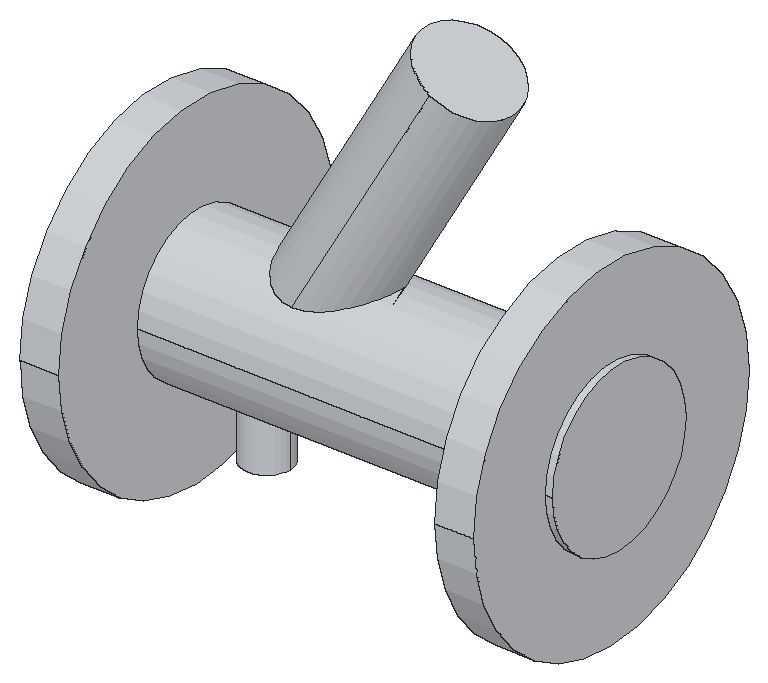
Revit family "HS 821-síto_jemné-PN25-DN015-RFA_2018", category Pipe Accessories, Revit 2018
Family settings
  Round Connector Dimension = Use Diameter
  Part Type = Breaks Into
  Work Plane-Based = No
  Always vertical = Yes
  Cut with Voids When Loaded = No
  Shared = No
Parameters (values of type "821D-DN015-PN25-síto_jemné")
  magiProductId = "27ddcbf555414f8ca1fde329bf9087"
  magiProductFamilyId = "79214ac3aaa945e397802f559f5c1e"
  magiPartTypeId = 307
  isMeasuringValve [instance] = no
  ang2D [instance] = 0.00°
  ZB__ve = -ZB  # -16.25 mm
  ZB1 = 18.63 mm
  ZB = 16.25 mm
  X2 = 46.982 mm
  X1 = 18.2 mm
  W2D = 15 mm
  VersionID = "2.0/2017.9.26.1/ZETKAMA_821_001"
  Use Minimum Symbol Size [instance] = yes
  URL = "www.hydronic.cz"
  Type Comments = "Filtr přírubový; síto jemné; A-PN16 (-10~300°C); D-PN25 (-10~350°C); F-PN40 (-10~400°C)"
  S = 46 mm
  QmdConnectorList = "301;D;302;D"
  Productdata [instance] = ""
  Manufacturer = "Hydronic Systems Prague s.r.o."
  MC Product Code = "210 215 (821D; DN015; PN25; kvs6,2; oko síta 0,63mm)"
  LM1 = 10.4 mm
  LM = 104 mm
  L4 = 32.5 mm
  L2D_Min = 3048 mm
  L2D = 130 mm
  L2 = 65 mm
  HH2 = 81.375 mm
  FD = 95 mm
  Description = "Filtr přírubový; síto jemné; 821A-PN16; 821D-PN25; 821F-PN40"
  DM1 = 27.6 mm
  DM = 41.4 mm
  D = 15 mm
  CC = 2.21 mm
  CAT0 = yes
  C1 = 10.79 mm
  C = 13 mm
  BD = 13.041 mm
Types (40, lengths in mm): name | magiProductId | ZB__ve | ZB1 | ZB | X2 | X1 | S | MC Product Code | LM1 | LM | L4 | L2 | HH2 | FD | DM1 | DM | D | CC | C1 | C | BD
  821A-DN015-PN16-síto_jemné | "a71bcfe8b393460598b23e8ddf7dc5" | -16.25 | 18.63 | 16.25 | 46.982 | 18.2 | 46 | "210 115 (821A; DN015; PN16; kvs6,2; oko síta 0,63mm)" | 10.4 | 104 | 32.5 | 65 | 81.375 | 95 | 27.6 | 41.4 | 15 | 2.21 | 10.79 | 13 | 13.041
  821A-DN020-PN16-síto_jemné | "41cd6c7a12924f4991217528336076" | -17.75 | 22.68 | 17.75 | 51.673 | 21 | 56 | "210 120 (821A; DN020; PN16; kvs9,6; oko síta 0,63mm)" | 12 | 120 | 37.5 | 75 | 89.5 | 105 | 33.6 | 50.4 | 20 | 2.55 | 12.45 | 15 | 15.876
  821A-DN025-PN16-síto_jemné | "be378b463ed14c3abf4c9b3ae8cf3a" | -19.25 | 26.325 | 19.25 | 58.601 | 22.4 | 65 | "210 125 (821A; DN025; PN16; kvs14,2; oko síta 0,63mm)" | 12.8 | 128 | 40 | 80 | 101.5 | 115 | 43.2 | 58.5 | 25 | 2.72 | 13.28 | 16 | 18.427
  821A-DN032-PN16-síto_jemné | "227a0d18b21540afabe8b6067d35fa" | -23 | 30.78 | 23 | 68.849 | 25.2 | 76 | "210 132 (821A; DN032; PN16; kvs23,1; oko síta 0,63mm)" | 14.4 | 144 | 45 | 90 | 119.25 | 140 | 50.4 | 68.4 | 32 | 3.06 | 14.94 | 18 | 21.546
  821A-DN040-PN16-síto_jemné | "d106917c74724141a10440112d0102" | -24.5 | 34.02 | 24.5 | 75.777 | 28 | 84 | "210 140 (821A; DN040; PN16; kvs36,6; oko síta 0,63mm)" | 16 | 160 | 50 | 100 | 131.25 | 150 | 60 | 75.6 | 40 | 3.4 | 16.6 | 20 | 23.814
  821A-DN050-PN16-síto_jemné | "8255d456a09e4f6486734f5dd9171b" | -26.75 | 40.095 | 26.75 | 79.061 | 32.2 | 99 | "210 150 (821A; DN050 PN16; kvs53,7; oko síta 0,63mm)" | 18.4 | 184 | 57.5 | 115 | 136.938 | 165 | 73.8 | 89.1 | 50 | 3.91 | 19.09 | 23 | 28.066
  821A-DN065-PN16-síto_jemné | "235b1b3e4c0843779a4d5e3716d40a" | -29.75 | 47.79 | 29.75 | 86.927 | 40.6 | 118 | "210 165 (821A; DN065; PN16; kvs95,1; oko síta 0,63mm)" | 23.2 | 232 | 72.5 | 145 | 150.562 | 185 | 94.2 | 106.2 | 65 | 4.93 | 24.07 | 29 | 33.453
  821A-DN080-PN16-síto_jemné | "a067f7c5236348ed8c820d16df7214" | -32 | 53.46 | 32 | 104.753 | 43.4 | 132 | "210 180 (821A; DN080; PN16; kvs137,1; oko síta 0,63mm)" | 24.8 | 248 | 77.5 | 155 | 181.438 | 200 | 107.4 | 118.8 | 80 | 5.27 | 25.73 | 31 | 37.422
  821A-DN100-PN16-síto_jemné | "c49a648c2747461285837d643703cd" | -35 | 63.18 | 35 | 114.857 | 49 | 156 | "210 190 (821A; DN100; PN16; kvs206,4; oko síta 0,63mm)" | 28 | 280 | 87.5 | 175 | 198.937 | 220 | 131.4 | 140.4 | 100 | 5.95 | 29.05 | 35 | 44.226
  821A-DN125-PN16-síto_jemné | "bf68e728a163493cbd2a663b26ebdc" | -39.5 | 74.52 | 39.5 | 131.888 | 56 | 184 | "210 191 (821A; DN125; PN16; kvs268,8; oko síta 0,63mm)" | 32 | 320 | 100 | 200 | 228.438 | 250 | 165 | 165.6 | 125 | 6.8 | 33.2 | 40 | 52.164
  821A-DN150-PN16-síto_jemné | "2de770284b654863ae6bc865769dc5" | -44.75 | 85.455 | 44.75 | 155.885 | 67.2 | 211 | "210 192 (821A; DN150; PN16; kvs401,4; oko síta 0,63mm)" | 38.4 | 384 | 120 | 240 | 270 | 285 | 192 | 189.9 | 150 | 8.16 | 39.84 | 48 | 59.818
  821A-DN200-PN16-síto_jemné | "8e5693371ab64aabb29a7f08c76e15" | -53 | 107.73 | 53 | 188.361 | 84 | 266 | "210 193 (821A; DN200; PN16; kvs706,7; oko síta 0,63mm)" | 48 | 480 | 150 | 300 | 326.25 | 340 | 252 | 239.4 | 200 | 10.2 | 49.8 | 60 | 75.411
  821A-DN250-PN16-síto_jemné | "05e37ed948c34047acdd4c42556504" | -62.75 | 129.195 | 62.75 | 255.911 | 102.2 | 319 | "210 194 (821A; DN250; PN16; kvs1229,4; oko síta 0,63mm)" | 58.4 | 584 | 182.5 | 365 | 443.25 | 405 | 309.6 | 287.1 | 250 | 12.41 | 60.59 | 73 | 90.436
  821A-DN300-PN16-síto_jemné | "9ad0af747269428da925480d83ce80" | -71 | 149.85 | 71 | 325.914 | 119 | 370 | "210 195 (821A; DN300; PN16; kvs1902,4; oko síta 0,63mm)" | 68 | 680 | 212.5 | 425 | 564.5 | 460 | 369.6 | 333 | 300 | 14.45 | 70.55 | 85 | 104.895
  821A-DN350-PN16-síto_jemné | "eebc71459bb3451bb4355e7951370a" | -80 | 173.745 | 80 | 356.875 | 137.2 | 429 | "200 196 (821A; DN350; PN16; kvs2611,0; oko síta 0,63mm)" | 78.4 | 784 | 245 | 490 | 618.125 | 520 | 438 | 386.1 | 350 | 16.66 | 81.34 | 98 | 121.621
  821A-DN400-PN16-síto_jemné | "d2f677cb196647e385b2590e7d8abe" | -89 | 194.4 | 89 | 392.237 | 154 | 480 | "210 197 (821A; DN400; PN16; kvs3438,4; oko síta 0,63mm)" | 88 | 880 | 275 | 550 | 679.375 | 580 | 498 | 432 | 400 | 18.7 | 91.3 | 110 | 136.08
  821D-DN015-PN25-síto_jemné | "27ddcbf555414f8ca1fde329bf9087" | -16.25 | 18.63 | 16.25 | 46.982 | 18.2 | 46 | "210 215 (821D; DN015; PN25; kvs6,2; oko síta 0,63mm)" | 10.4 | 104 | 32.5 | 65 | 81.375 | 95 | 27.6 | 41.4 | 15 | 2.21 | 10.79 | 13 | 13.041
  821D-DN020-PN25-síto_jemné | "270e0f14012f47189cd0235c18faee" | -17.75 | 22.68 | 17.75 | 51.673 | 21 | 56 | "210 220 (821D; DN020; PN25; kvs9,6; oko síta 0,63mm)" | 12 | 120 | 37.5 | 75 | 89.5 | 105 | 33.6 | 50.4 | 20 | 2.55 | 12.45 | 15 | 15.876
  821D-DN025-PN25-síto_jemné | "b9a7fb4aa36643878c637d8e1ab992" | -19.25 | 26.325 | 19.25 | 58.601 | 22.4 | 65 | "210 225 (821D; DN025; PN25; kvs14,2; oko síta 0,63mm)" | 12.8 | 128 | 40 | 80 | 101.5 | 115 | 43.2 | 58.5 | 25 | 2.72 | 13.28 | 16 | 18.427
  821D-DN032-PN25-síto_jemné | "6be9a55c4e68400f94eec7e804204c" | -23 | 30.78 | 23 | 68.849 | 25.2 | 76 | "210 232 (821D; DN032; PN25; kvs23,1; oko síta 0,63mm)" | 14.4 | 144 | 45 | 90 | 119.25 | 140 | 50.4 | 68.4 | 32 | 3.06 | 14.94 | 18 | 21.546
  821D-DN040-PN25-síto_jemné | "c54511bd7f584ec2984291479612cb" | -24.5 | 34.02 | 24.5 | 75.777 | 28 | 84 | "210 240 (821D; DN040; PN25; kvs36,6; oko síta 0,63mm)" | 16 | 160 | 50 | 100 | 131.25 | 150 | 60 | 75.6 | 40 | 3.4 | 16.6 | 20 | 23.814
  821D-DN050-PN25-síto_jemné | "5483b1f596b04cd39b23a14a22c90e" | -26.75 | 40.095 | 26.75 | 79.061 | 32.2 | 99 | "210 250 (821D; DN050; PN25; kvs53,7; oko síta 0,63mm)" | 18.4 | 184 | 57.5 | 115 | 136.938 | 165 | 73.8 | 89.1 | 50 | 3.91 | 19.09 | 23 | 28.066
  821D-DN065-PN25-síto_jemné | "767b0f8318e94750bc7a9930ed5b30" | -29.75 | 47.79 | 29.75 | 86.927 | 40.6 | 118 | "210 265 (821D; DN065; PN25; kvs95,1; oko síta 0,63mm)" | 23.2 | 232 | 72.5 | 145 | 150.562 | 185 | 94.2 | 106.2 | 65 | 4.93 | 24.07 | 29 | 33.453
  821D-DN080-PN25-síto_jemné | "e21040fa3cc2404b858198f6b73709" | -32 | 53.46 | 32 | 104.753 | 43.4 | 132 | "210 280 (821D; DN080; PN25; kvs137,1; oko síta 0,63mm)" | 24.8 | 248 | 77.5 | 155 | 181.438 | 200 | 107.4 | 118.8 | 80 | 5.27 | 25.73 | 31 | 37.422
  821D-DN100-PN25-síto_jemné | "175ca87a506b40b3bc6b82f12f33cf" | -37.25 | 63.18 | 37.25 | 114.857 | 49 | 156 | "210 290 (821D; DN100; PN25; kvs206,4; oko síta 0,63mm)" | 28 | 280 | 87.5 | 175 | 198.937 | 235 | 131.4 | 140.4 | 100 | 5.95 | 29.05 | 35 | 44.226
  821D-DN125-PN25-síto_jemné | "77cc98d60da24855999a22dff726b2" | -42.5 | 74.52 | 42.5 | 131.888 | 56 | 184 | "210 291 (821D; DN125; PN25; kvs268,8; oko síta 0,63mm)" | 32 | 320 | 100 | 200 | 228.438 | 270 | 165 | 165.6 | 125 | 6.8 | 33.2 | 40 | 52.164
  821D-DN150-PN25-síto_jemné | "9cf8acfcd15547d68e83172d3abcbe" | -47 | 85.455 | 47 | 155.885 | 67.2 | 211 | "210 292 (821D; DN150; PN25; kvs401,4; oko síta 0,63mm)" | 38.4 | 384 | 120 | 240 | 270 | 300 | 192 | 189.9 | 150 | 8.16 | 39.84 | 48 | 59.818
  821D-DN200-PN25-síto_jemné | "16973f3c9ea14389ba8602495a6b64" | -56 | 110.97 | 56 | 188.361 | 84 | 274 | "210 293 (821D; DN200; PN25; kvs706,7; oko síta 0,63mm)" | 48 | 480 | 150 | 300 | 326.25 | 360 | 252 | 246.6 | 200 | 10.2 | 49.8 | 60 | 77.679
  821F-DN015-PN40-síto_jemné | "4c7eaf3c4c0340888b3e684d8a8616" | -16.25 | 18.225 | 16.25 | 46.982 | 18.2 | 45 | "250 615 (821F; DN015; PN40; kvs6,2; oko síta 0,63mm)" | 10.4 | 104 | 32.5 | 65 | 81.375 | 95 | 27.6 | 40.5 | 15 | 2.21 | 10.79 | 13 | 12.757
  821F-DN020-PN40-síto_jemné | "aaac5f1ec96b44d6ba96ac2293d66d" | -17.75 | 23.49 | 17.75 | 51.673 | 21 | 58 | "250 620 (821F; DN020; PN40; kvs9,6; oko síta 0,63mm)" | 12 | 120 | 37.5 | 75 | 89.5 | 105 | 33.6 | 52.2 | 20 | 2.55 | 12.45 | 15 | 16.443
  821F-DN025-PN40-síto_jemné | "504768023968471481789485b54c7e" | -19.25 | 27.54 | 19.25 | 58.601 | 22.4 | 68 | "250 625 (821F; DN025; PN40; kvs14,2; oko síta 0,63mm)" | 12.8 | 128 | 40 | 80 | 101.5 | 115 | 43.2 | 61.2 | 25 | 2.72 | 13.28 | 16 | 19.278
  821F-DN032-PN40-síto_jemné | "165e7f39cf744f329bdf1c400dad12" | -23 | 31.59 | 23 | 68.849 | 25.2 | 78 | "250 632 (821F; DN032; PN40; kvs23,1; oko síta 0,63mm)" | 14.4 | 144 | 45 | 90 | 119.25 | 140 | 50.4 | 70.2 | 32 | 3.06 | 14.94 | 18 | 22.113
  821F-DN040-PN40-síto_jemné | "b8903f952089408fbf3a5a632bab1f" | -24.5 | 35.64 | 24.5 | 75.777 | 28 | 88 | "250 640 (821F; DN040; PN40; kvs36,6; oko síta 0,63mm)" | 16 | 160 | 50 | 100 | 131.25 | 150 | 60 | 79.2 | 40 | 3.4 | 16.6 | 20 | 24.948
  821F-DN050-PN40-síto_jemné | "c451f97266fe48da8f879cb6a2bd44" | -26.75 | 41.31 | 26.75 | 79.061 | 32.2 | 102 | "250 650 (821F; DN050; PN40; kvs53,7; oko síta 0,63mm)" | 18.4 | 184 | 57.5 | 115 | 136.938 | 165 | 73.8 | 91.8 | 50 | 3.91 | 19.09 | 23 | 28.917
  821F-DN065-PN40-síto_jemné | "dc9821e3f9b34e128f6a8c6b34c198" | -29.75 | 49.41 | 29.75 | 86.927 | 40.6 | 122 | "250 665 (821F; DN065; PN40; kvs95,1; oko síta 0,63mm)" | 23.2 | 232 | 72.5 | 145 | 150.562 | 185 | 94.2 | 109.8 | 65 | 4.93 | 24.07 | 29 | 34.587
  821F-DN080-PN40-síto_jemné | "689aa1e260f84cf4994f027a1d86b5" | -32 | 55.89 | 32 | 104.753 | 43.4 | 138 | "250 680 (821F; DN080; PN40; kvs137,1; oko síta 0,63mm)" | 24.8 | 248 | 77.5 | 155 | 181.438 | 200 | 107.4 | 124.2 | 80 | 5.27 | 25.73 | 31 | 39.123
  821F-DN100-PN40-síto_jemné | "8a45d4e8e2ab425f8c432f21d684f3" | -37.25 | 65.61 | 37.25 | 114.857 | 49 | 162 | "250 690 (821F; DN100; PN40; kvs206,4; oko síta 0,63mm)" | 28 | 280 | 87.5 | 175 | 198.937 | 235 | 131.4 | 145.8 | 100 | 5.95 | 29.05 | 35 | 45.927
  821F-DN125-PN40-síto_jemné | "cf073904c006406b8645afa67ea2fc" | -42.5 | 76.14 | 42.5 | 131.888 | 56 | 188 | "250 691 (821F; DN125; PN40; kvs268,8; oko síta 0,63mm)" | 32 | 320 | 100 | 200 | 228.438 | 270 | 165 | 169.2 | 125 | 6.8 | 33.2 | 40 | 53.298
  821F-DN150-PN40-síto_jemné | "0153b9ddabe14992a630484929fdbc" | -47 | 88.29 | 47 | 155.885 | 67.2 | 218 | "250 692 (821F; DN150; PN40; kvs401,4; oko síta 0,63mm)" | 38.4 | 384 | 120 | 240 | 270 | 300 | 192 | 196.2 | 150 | 8.16 | 39.84 | 48 | 61.803
  821F-DN200-PN40-síto_jemné | "7fb3fc01dd8d42428c203e3f8dd4d5" | -56 | 115.425 | 56 | 188.361 | 84 | 285 | "250 693 (821F; DN200; PN40; kvs706,7; oko síta 0,63mm)" | 48 | 480 | 150 | 300 | 326.25 | 360 | 252 | 256.5 | 200 | 10.2 | 49.8 | 60 | 80.797
Reference planes
  plane 1 "Center (Front/Back)": y = 0
  plane 2 "XYPLANE": z = 0
  plane 3 "Center (Left/Right)": x = 0
  plane 4 "109": x = -41.6
  plane 5 "108": x = 52
  plane 6 "107": x = -52
  plane 7 "105": x = 65
  plane 8 "104": x = -65
  plane 9 "103": y = 0
  plane 10 "102": z = 0
  plane 11 "101": x = -62.79
  plane 12 "100": x = 62.79
  plane 13 "11": x = -23.4
  plane 14 "10": z = 81.375
  plane 15 "9": x = 23.582
  plane 16 "5": z = -18.63
  plane 17 "4": x = -32.5
  plane 18 "1": x = 32.5
Forms (mm)
  Extrusion 1, solid, visible <- "CAT0"
    sketch origin (-52, -750, 0) x (0, 1, 0) y (0, 0, 1)
      loop
        circle (750, 0) r 20.7
    from 0 to 104 <- "LM"
  Extrusion 2, solid
    sketch origin (-65, -750, 0) x (0, 1, 0) y (0, 0, 1)
      loop
        circle (750, 0) r 23
    from 0 to 2.21 <- "CC"
  Extrusion 3, solid
    sketch origin (-62.79, -750, 0) x (0, 1, 0) y (0, 0, 1)
      loop
        circle (750, 0) r 47.5
    from 0 to 10.79 <- "C1"
  Extrusion 4, solid
    sketch origin (52, -750, 0) x (0, 1, 0) y (0, 0, 1)
      loop
        circle (750, 0) r 47.5
    from 0 to 10.79 <- "C1"
  Extrusion 5, solid
    sketch origin (62.79, -750, 0) x (0, 1, 0) y (0, 0, 1)
      loop
        circle (750, 0) r 23
    from 0 to 2.21 <- "CC"
  Sweep 6, solid, visible <- "CAT0"
    path origin (750, 0, 0) x (-1, 0, 0) y (0, 0, 1)
      loop
        line (802, 0) -> (773.4, 0) -> (726.418, 81.375)
    profile origin (-52, 0, 0) x (0, 0, -1) y (0, 1, 0)
      loop
        circle (0, 0) r 13.8
  Extrusion 7, solid, visible <- "CAT0"
    sketch origin (-750, 0, -18.63) x (1, 0, 0) y (0, 1, 0)
      loop
        circle (717.5, 0) r 6.52
    from 0 to -16.25 <- "ZB__ve"
  Extrusion 8, solid, visible <- "CAT0"
    sketch origin (-750, 0, -18.63) x (1, 0, 0) y (0, 1, 0)
      loop
        circle (782.5, 0) r 6.52
    from 0 to -16.25 <- "ZB__ve"
  Extrusion 9, solid, not visible
    sketch origin (65, -750, 0) x (0, 1, 0) y (0, 0, 1)
      loop
        circle (750, 0) r 10
    from 0 to -10
  Extrusion 10, solid, not visible
    sketch origin (-65, -750, 0) x (0, 1, 0) y (0, 0, 1)
      loop
        circle (750, 0) r 10
    from 0 to 10
Lines and regions (mm)
  reference lines, not visible
    curve 1: circle (2, 2, 0) r 1 normal (0, 0, 1)
Dimensions and locks
  plane 1 "Center (Front/Back)" to curve 1 = 2 mm
  "LM1": plane 6 "107" to plane 4 "109"
  "LM": plane 6 "107" to plane 5 "108"
  "C": plane 8 "104" to plane 6 "107"
  "L2": plane 3 "Center (Left/Right)" to plane 7 "105"
  "L2": plane 3 "Center (Left/Right)" to plane 8 "104"
  locked: plane 1 "Center (Front/Back)" to plane 9 "103"
  locked: plane 2 "XYPLANE" to plane 10 "102"
  "CC": plane 8 "104" to plane 11 "101"
  "C1": plane 5 "108" to plane 12 "100"
  "X1": plane 4 "109" to plane 13 "11"
  "HH2": plane 2 "XYPLANE" to plane 14 "10"
  "X2": plane 13 "11" to plane 15 "9"
  "ZB1": plane 2 "XYPLANE" to plane 16 "5"
  "L4": plane 8 "104" to plane 17 "4"
  "L2": plane 17 "4" to plane 18 "1"
  Sweep 6 sketch curve to Sweep 6 sketch curve = 0 mm  (x2)
  "DM": diameter of Extrusion 1 sketch curve
  "S": diameter of Extrusion 2 sketch curve
  "FD": diameter of Extrusion 3 sketch curve
  "FD": diameter of Extrusion 4 sketch curve
  "S": diameter of Extrusion 5 sketch curve
  "DM1": diameter of Sweep 6 sketch curve
  "BD": diameter of Extrusion 7 sketch curve
  "BD": diameter of Extrusion 8 sketch curve
  aligned and locked: level to plane 2 "XYPLANE"
  aligned and locked: Extrusion 1 sketch curve to plane 9 "103"
  aligned and locked: plane 10 "102" to Extrusion 1 sketch curve
  aligned and locked: Extrusion 2 sketch curve to plane 9 "103"
  aligned and locked: plane 10 "102" to Extrusion 2 sketch curve
  aligned and locked: Extrusion 3 sketch curve to plane 9 "103"
  aligned and locked: plane 10 "102" to Extrusion 3 sketch curve
  aligned and locked: Extrusion 4 sketch curve to plane 9 "103"
  aligned and locked: plane 10 "102" to Extrusion 4 sketch curve
  aligned and locked: Extrusion 5 sketch curve to plane 9 "103"
  aligned and locked: plane 10 "102" to Extrusion 5 sketch curve
  aligned and locked: Sweep 6 sketch curve to plane 9 "103"
  aligned and locked: plane 10 "102" to Sweep 6 sketch curve  (x3)
  aligned and locked: plane 6 "107" to Sweep 6 sketch curve
  aligned and locked: plane 13 "11" to Sweep 6 sketch curve
  aligned and locked: plane 14 "10" to Sweep 6 sketch curve
  aligned and locked: plane 15 "9" to Sweep 6 sketch curve
  aligned and locked: plane 9 "103" to Extrusion 7 sketch curve
  aligned and locked: plane 17 "4" to Extrusion 7 sketch curve
  aligned and locked: plane 9 "103" to Extrusion 8 sketch curve
  aligned and locked: plane 18 "1" to Extrusion 8 sketch curve
  aligned and locked: Extrusion 9 sketch curve to plane 9 "103"
  aligned and locked: plane 10 "102" to Extrusion 9 sketch curve
  aligned and locked: Extrusion 10 sketch curve to plane 9 "103"
  aligned and locked: plane 10 "102" to Extrusion 10 sketch curve
Automatic sketch dimensions
  plane 1 "Center (Front/Back)" to Extrusion 9 sketch curve = 10 mm
  plane 1 "Center (Front/Back)" to Extrusion 10 sketch curve = 10 mm
  plane 3 "Center (Left/Right)" to curve 1 = 2 mm
  radius of curve 1 = 1 mm
Connectors
  piping at (-65, 0, 0), diameter 15, driven by "D"
    settings: on Extrusion 10, index 1, connector inside diameter 609.6 mm, connector length 0 mm, flow factor 0, pipe flow 0.0 L/s, pressure drop 0.0 Pa, fitting loss kfactor 0, connector angle 0.00°, fixture units 0, engagement length 0 mm, angle of deflection 0.00°, flow configuration 0, flow direction 0, fitting loss method 0, system type 29, joint type 0, gender type 0, connector reference index 2, connector utility 0, adjustable connector no, is connector primary yes, connector description ""
  piping at (65, 0, 0), diameter 15, driven by "D"
    settings: on Extrusion 9, index 2, connector inside diameter 609.6 mm, connector length 0 mm, flow factor 0, pipe flow 0.0 L/s, pressure drop 0.0 Pa, fitting loss kfactor 0, connector angle 0.00°, fixture units 0, engagement length 0 mm, angle of deflection 0.00°, flow configuration 0, flow direction 0, fitting loss method 0, system type 29, joint type 0, gender type 0, connector reference index 1, connector utility 0, adjustable connector no, is connector primary no, connector description ""
